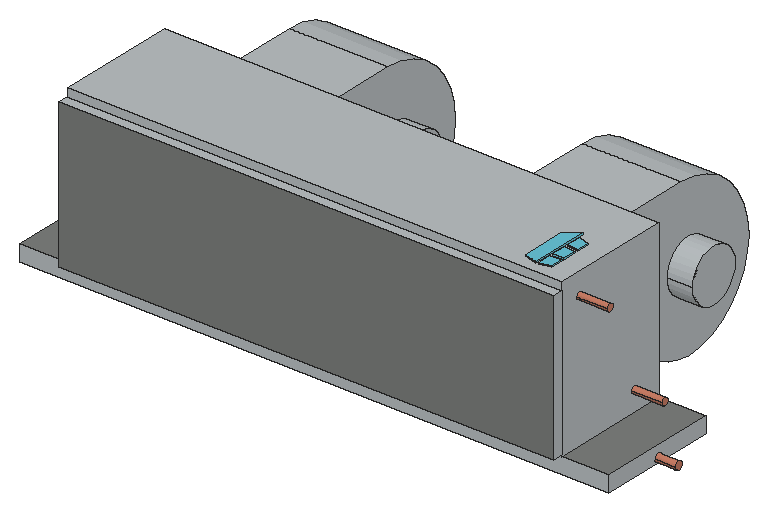
Revit family
Parameters (values of type "HHY(2-Pipe EHeat)")
  Supply Air Width = Coil Width  # 3' - 11"
  Supply Air Height = 1' - 2"
  Revit Family Version = "10/27/2010"
  Motor Quantity = 1
  Electric Heat Voltage = 115 V
  Electric Heat Capacity = 3412.14 Btu/h
  Drain Pan Width = 4' - 8"
  Voltage = 115 V
  URL = "www.iec-okc.com"
  Type Comments = "ARI Default"
  Total Cooling Capacity = 16822.0 Btu/h
  Supply Fan Motor Speed = 1
  Supply External Static Pressure = 0.00 in-wg
  Sensible Cooling Capacity = 12736.0 Btu/h
  Product Name = "Fan Coil Unit"  # constant formula
  Phase = 1
  Nominal HP = "1/30"
  Model = "HHY(2-Pipe EHeat)"
  Minimum Circuit Current = 15 A
  Manufacturer = "IEC"
  Load = 184 VA
  Height = 1' - 4 3/8"
  Heating Leaving Dry Bulb Temperature = 111.1 °F
  Heating Entering Dry Bulb Temperature = 70 °F
  Frequency = 60 Hz
  Fan Quantity = 2
  Family Load Status = "** NOT VALID ** Must be loaded via type catalog"
  Designation = "FCU"
  Design Supply Air Flow = 670 CFM
  Design Chilled Water Flow = 3.4 GPM
  Description = "High Performance Ceiling FCU"
  Depth = 2' - 3 1/2"
  Cooling Leaving Wet Bulb Temperature = 59.2 °F
  Cooling Leaving Dry Bulb Temperature = 62.6 °F
  Cooling Entering Wet Bulb Temperature = 67 °F
  Cooling Entering Dry Bulb Temperature = 80 °F
  Cooling Coil Water Pressure Drop = 14.048 kPa
  Cooling Coil Row Count = 2
  Coil Width = 3' - 11"
  Chilled Water Leaving Temperature = 55.0 °F
  Chilled Water Entering Temperature = 45.0 °F
  Blower 2 Offset = 2' - 7 1/4"
  Blower 2 = yes
  Blower 1 Offset = 0' - 3 3/8"
  Blower 1 = yes
  Assembly Code = "D3050"
  Actual Condensate Drain Flow = 0.0 GPM
  ARI Number = ""
Reference planes (in)
  plane 1 "Center (Front/Back)": y = -9.375
  plane 2: z = 0
  plane 3 "Center (Left/Right)": x = 6
  plane 4: y = -3.625
  plane 5: y = -15.125
  plane 6: x = -17.5
  plane 7: x = 29.5
  plane 8: x = -22
  plane 9: x = 34
  plane 10: z = -16.375
  plane 11: z = -14.875
  plane 12: z = -0.75
  plane 13: z = -14.75
  plane 14: y = -16.125
Forms (in)
  Extrusion 1, solid, material "Metal - IEC - Steel"
    sketch origin (0, 0, 0) x (1, 0, 0) y (0, 1, 0)
      loop
        line (-17.5, -3.625) -> (-17.5, -15.125) -> (29.5, -15.125) -> (29.5, -3.625) -> (-17.5, -3.625)
    from -14.875 to 0
  Extrusion 2, solid, material "Metal - IEC - Steel"
    sketch origin (0, 0, -14.875) x (0, 1, 0) y (1, 0, 0)
      loop
        line (-3.625, -22) -> (-3.625, 34) -> (-15.125, 34) -> (-15.125, -22) -> (-3.625, -22)
    from 0 to 1.5
  Extrusion 3, solid, material "Metal - IEC - Steel"
    sketch origin (29.5, -15.125, 0) x (-1, 0, 0) y (0, 0, -1)
      loop
        line (47, 0.75) -> (47, 14.75) -> (0, 14.75) -> (0, 0.75) -> (47, 0.75)
    from 0 to 1
  Extrusion 4, solid, material "Copper"
    sketch origin (29.5, -3.625, 0) x (0, -1, 0) y (0, 0, -1)
      loop
        circle (9.5, 2) r 0.3125
      loop
        circle (3, 12.875) r 0.3125
    from 0 to 3
  Extrusion 5, solid, material "Copper"
    sketch origin (34, -3.625, -14.875) x (0, -1, 0) y (0, 0, -1)
      loop
        circle (5.75, 1) r 0.375
    from 0 to 2
Dimensions and locks (in)
  equal spacing: plane 4, plane 1 "Center (Front/Back)", plane 5
  locked: plane 4 to plane 5 at 11.5
  "Coil Width": plane 6 to plane 7
  equal spacing: plane 6, plane 3 "Center (Left/Right)", plane 7
  "Drain Pan Width": plane 8 to plane 9
  locked: plane 8 to plane 6 at 4.5
  "Height": level to plane 10
  locked: plane 11 to plane 10 at 1.5
  locked: plane 14 to Extrusion 2 at 1
  locked: level to plane 12 at 0.75
  "Supply Air Height": plane 12 to plane 13
  "Blower 1 Offset": nested 1 to plane 7
  "Blower 2 Offset": nested 2 to plane 7
  locked: Extrusion 1 to Extrusion 4 sketch curve at 3
  locked: Extrusion 1 to Extrusion 4 sketch curve at 2  (x3)
  locked: plane 7 to Extrusion 4 at 3
  locked: Extrusion 2 to Extrusion 5 sketch curve at 0.5
  locked: Extrusion 5 sketch curve to Extrusion 2 at 5.75
  locked: plane 5 to nested 3 at 1
  locked: plane 9 to Extrusion 5 at 2
  aligned and locked: plane 6 to Extrusion 1 sketch curve
  aligned and locked: Extrusion 1 sketch curve to plane 4
  aligned and locked: plane 5 to Extrusion 1 sketch curve
  aligned and locked: plane 7 to Extrusion 1 sketch curve
  aligned and locked: Extrusion 1 to plane 11
  aligned and locked: level to Extrusion 1
  aligned and locked: plane 8 to Extrusion 2 sketch curve
  aligned and locked: plane 4 to Extrusion 2 sketch curve
  aligned and locked: plane 5 to Extrusion 2 sketch curve
  aligned and locked: plane 9 to Extrusion 2 sketch curve
  aligned and locked: plane 11 to Extrusion 2
  aligned and locked: Extrusion 2 to plane 10
  aligned and locked: plane 6 to Extrusion 3 sketch curve
  aligned and locked: Extrusion 3 sketch curve to plane 12
  aligned and locked: plane 13 to Extrusion 3 sketch curve
  aligned and locked: plane 7 to Extrusion 3 sketch curve
  aligned and locked: Extrusion 3 to plane 14
  aligned and locked: Extrusion 3 to plane 5
  aligned and locked: plane 4 to nested 1
  aligned and locked: plane 4 to nested 2
  aligned and locked: plane 12 to nested 1
  aligned and locked: plane 12 to nested 2
  aligned and locked: plane 7 to Extrusion 4
  aligned and locked: Extrusion 4 to Extrusion 1
  aligned and locked: plane 2 to nested 3
  aligned and locked: nested 3 to plane 7
  aligned and locked: Extrusion 5 to plane 9
Automatic sketch dimensions
  radius of Extrusion 4 sketch curve = 0' - 0 5/16"  (x2)
  radius of Extrusion 5 sketch curve = 0' - 0 3/8"
Nested families (in)
  nested 1: "HHY Blower" at (26.125, -4.375, -0.75) x (-1, 0, 0) z (0, 0, 1), visible <- "Blower 1", type "HHY Blower"
  nested 2: "HHY Blower" at (-1.75, -4.375, -0.75) x (-1, 0, 0) z (0, 0, 1), visible <- "Blower 2", type "HHY Blower"
  nested 3: "Horizontal IEC Logo 3D" at (24.92527, -14.125, 0), type "Horizontal IEC Logo 3D", detail levels fine
Connectors (in)
  hvac at (6, -16.125, -7.75), driven by "Supply Air Width", driven by "Supply Air Height", driven by "Design Supply Air Flow"
    settings: on Extrusion 3, index 1
  electrical at (-17.5, -9.375, -7.4375), driven by "Phase", driven by "Voltage", driven by "Load", driven by "Load"
    settings: on Extrusion 1, index 2
  piping at (32.5, -13.125, -2), driven by "Cooling Coil Water Pressure Drop", driven by "Design Chilled Water Flow"
    settings: on Extrusion 4, index 3
  piping at (32.5, -6.625, -12.875), driven by "Design Chilled Water Flow"
    settings: on Extrusion 4, index 4
  piping at (36, -9.375, -15.875), driven by "Actual Condensate Drain Flow"
    settings: on Extrusion 5, index 5
Definition of nested family "HHY Blower"
  Parameters (values of type "HHY Blower")
    Nozzle Width = 0' - 9 1/2"
    Nozle Height = 0' - 4 1/4"
    Assembly Code = ""
  Reference planes (in)
    plane 1 "Center (Front/Back)": y = -0.75
    plane 2: z = 0
    plane 3 "Center (Left/Right)": x = 0
    plane 4: z = 0
  Forms (in)
    Extrusion 1, solid, material "Metal - IEC - Steel"
      sketch origin (0, 1.93387, 1.93387) x (0, 1, 0) y (0, 0, 1)
        loop
          arc (-10.42787, -17.07547) -> (-6.47944, -15.67459) -> (-4.30487, -12.09357) r 6.24497
          line (-4.30487, -12.09357) -> (-2.68387, -12.09357) -> (-2.68387, -1.93387) -> (-9.5769, -1.93387)
          arc (-9.5769, -1.93387) -> (-15.20937, -4.28726) -> (-17.54964, -9.92519) r 8.0128
          arc (-17.54964, -9.92519) -> (-15.47172, -14.97739) -> (-10.42787, -17.07547) r 7.1289
      from 0 to 9.375
    Extrusion 2, solid, material "Metal - IEC - Steel"
      sketch origin (0, 0, 0) x (0, 1, 0) y (0, 0, 1)
        loop
          circle (-8.39078, -7.39527) r 2.5
      from -2.5 to 0
  Dimensions and locks (in)
    locked: Extrusion 2 to level at 7.39527
    locked: Extrusion 2 sketch curve to plane 1 "Center (Front/Back)" at 7.64078
    locked: level to Extrusion 2 sketch curve at 7.39527
    aligned and locked: level to plane 4
    aligned and locked: level to Extrusion 1
    aligned and locked: Extrusion 1 to plane 3 "Center (Left/Right)"
    aligned and locked: plane 3 "Center (Left/Right)" to Extrusion 2
    aligned and locked: Extrusion 1 to plane 1 "Center (Front/Back)"
Definition of nested family "Horizontal IEC Logo 3D"
  Parameters (values of type "Horizontal IEC Logo 3D")
    URL = "http://www.iec-okc.com"
    Manufacturer = "International Environmental Corporation"
    Copyright © = ""
    Assembly Code = ""
  Reference planes (in)
    plane 1 "Center (Front/Back)": y = 0
    plane 2 "Bottom": z = 0
    plane 3 "Center (Left/Right)": x = 0
    plane 4 "Top": z = 6
    plane 5 "Right": x = 4.57473
    plane 6: y = 6
  Forms (in)
    Extrusion 1, solid, material "Paint - IEC - Blue"
      sketch origin (-3.24555, -0.25468, 0) x (1, 0, 0) y (0, 1, 0)
        loop
          line (3.24555, 0.65702) -> (4.52737, 0.25468) -> (4.52737, 5.84344) -> (3.24555, 4.84197) -> (3.24555, 0.65702)
        loop
          line (4.79344, 5.10212) -> (4.79344, 3.74464) -> (5.82027, 3.61857) -> (5.82027, 4.77981) -> (4.79344, 5.10212)
        loop
          line (4.79344, 0.25468) -> (5.82027, 0.52981) -> (5.82027, 1.70204) -> (4.79344, 1.5626) -> (4.79344, 0.25468)
        loop
          line (4.79344, 3.3345) -> (4.79344, 1.92278) -> (5.82027, 2.0307) -> (5.82027, 3.26102) -> (4.79344, 3.3345)
      from 0 to 0.125
  Text (in)
    text "Copyright © McQuay International 2009" at (0.00043, 0.00036, 0), in view "Ref. Level"
  Dimensions and locks (in)
    plane 4 "Top" to plane 2 "Bottom" = 0' - 6"
    locked: plane 5 "Right" to Extrusion 1 at 2
    locked: plane 3 "Center (Left/Right)" to plane 5 "Right" at 4.57473
    locked: plane 6 to plane 1 "Center (Front/Back)" at 6
    aligned and locked: plane 2 "Bottom" to level
